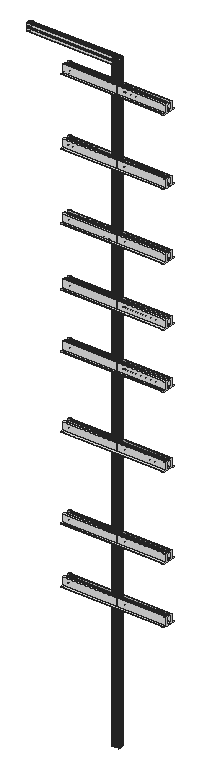
Revit family "Assmbly_PL-Pole_Dual-L-Bkt_Rakks", category Specialty Equipment, Revit 2026
Family settings
  Round Connector Dimension = Use Diameter
  Part Type = Normal
  Classification Number = 23.40.50.31.11.14
  Work Plane-Based = No
  Enable Cutting in Views = No
  Always vertical = Yes
  Cut with Voids When Loaded = No
  Maintain Annotation Orientation = No
  Shared = Yes
  Room Calculation Point = No
Parameters (values of type "Assembly_Rakks_PC2-Pole_1Bkt")
  Warranty Duration (Years) = 0
  Wall Location [instance] = 1' - 5.29432"
  Unit Height [instance] = 10' - 0"
  URL = "http://www.rakks.com/"
  Type Comments = "Universal and Aria Brackets may not be used with SQ Standards"
  Test Data = "http://www.rakks.com/pdfs/Rangine_Corporation_Leed_Statement.pdf"
  Pole Type [instance] = Pole-PL-L-bkt_Rakks : G Mount
  Specification = "http://www.arcat.com/sdspecs/htm/10670rak.htm"
  Shelf Overhang = 0' - 2"
  Shelf Length [instance] = 3' - 0"
  Send Message = "http://www.arcat.com/users.pl?action=UserEmail&company=Rangine%20Corp.%20-%20Rakks&coid=35076&rep=116&fax=781-455-8702&mf="
  Sales Information = "http://store.rakks.com/"
  Revision = "R1_03-2010"
  Product Properties = "http://www.arcat.com/bim/bim_info.pl?fn=Shelving_Rakks"
  Product Data = "http://www.arcat.com/arcatcos/cos35/arc35076.html"
  Model = ""
  Material = Metal - Clear Anodized
  Manufacturer's Notes = "Aluminum Shelves may only be used with rectangular brackets"
  Manufacturer Website = "http://www.rakks.com/"
  Manufacturer Phone - Toll Free = "800-826-6006"
  Manufacturer Phone = "781-455-8700"
  Manufacturer Fax = "781-455-8702"
  Manufacturer Address = "330 Reservoir St., Needham, MA 02494"
  Manufacturer = "Rangine Corp. - Rakks"
  Maintenance Schedule (Months) = 0
  Keynote = "10 56 00"
  Installation-Fabrication = "http://www.rakks.com/literature/install.html"
  Installation Phase = ""
  Ht8 [instance] = 1' - 1"
  Ht7 [instance] = 1' - 1"
  Ht6 [instance] = 0' - 11 15/32"
  Ht5 [instance] = 0' - 10 25/32"
  Ht4 [instance] = 1' - 2"
  Ht3 [instance] = 1' - 4"
  Ht2 [instance] = 0' - 11"
  Ht1 [instance] = 2' - 0 3/4"
  Green Building-LEED = "http://www.arcat.com/green/clients/leed_data_35076.html"
  Expected Lifespan (Years) = 0
  Drawn By = "Robert S. Weygant, CSI, CDT, SCIP"
  Description = ""
  Default Elevation = 0' - 0"
  Copyright = "2010, ARCAT, Inc"
  Construction Details = "http://www.arcat.com/details/rangine/rangine.html?coid=35076"
  Capacity (Weight) = 0.00 lbf
  Building Codes = ""
  Brackets [instance] = 8
  Bracket Type [instance] = Bracket-L_Rakks : 20"
  Bracket Location = 0' - 0 1/8"
  Assembly Code = "E1010500"
  8Bkt [instance] = Brackets > 7  # yes
  7Bkt [instance] = Brackets > 6  # yes
  6Bkt [instance] = Brackets > 5  # yes
  5Bkt [instance] = Brackets > 4  # yes
  4Bkt [instance] = Brackets > 3  # yes
  3Bkt [instance] = Brackets > 2  # yes
  2Bkt [instance] = Brackets > 1  # yes
Reference planes (in)
  plane 1 "Center (Front/Back)": y = 0
  plane 2: z = 0
  plane 3 "Center (Left/Right)": x = 0
  plane 4: z = 120
  plane 5: y = -0.125
  plane 6: z = 24.75
  plane 7: z = 35.75
  plane 8: z = 51.75
  plane 9: z = 65.75
  plane 10: z = 76.53125
  plane 11: z = 88
  plane 12: x = -2
  plane 13: y = -0.75
  plane 14: z = 101
  plane 15: z = 114
  plane 16: y = -34
  plane 17: y = -36
  plane 18: y = 0.125
  plane 19: x = -17.29432
Dimensions and locks (in)
  "Unit Height": plane 4 to plane 2
  "Bracket Location": plane 5 to plane 1 "Center (Front/Back)"
  "Ht1": plane 6 to plane 2
  "Ht2": plane 7 to plane 6
  "Ht3": plane 8 to plane 7
  "Ht4": plane 9 to plane 8
  "Ht5": plane 10 to plane 9
  "Ht6": plane 11 to plane 10
  "Shelf Overhang": plane 12 to plane 3 "Center (Left/Right)"
  locked: plane 13 to plane 1 "Center (Front/Back)" at 0.75
  "Ht7": plane 14 to plane 11
  "Ht8": plane 15 to plane 14
  "Shelf Overhang": plane 16 to plane 17
  "Shelf Length": plane 17 to plane 1 "Center (Front/Back)"
  "Bracket Location": plane 1 "Center (Front/Back)" to plane 18
  "Wall Location": plane 19 to plane 3 "Center (Left/Right)"
  aligned and locked: plane 3 "Center (Left/Right)" to nested 1
  aligned and locked: nested 1 to plane 1 "Center (Front/Back)"
  aligned and locked: nested 2 to plane 3 "Center (Left/Right)"
  aligned and locked: plane 6 to nested 2
  aligned and locked: plane 11 to nested 7
  aligned and locked: plane 10 to nested 6
  aligned and locked: plane 9 to nested 5
  aligned and locked: plane 8 to nested 4
  aligned and locked: plane 7 to nested 3
  aligned and locked: plane 14 to nested 8
  aligned and locked: nested 8 to plane 5
  aligned and locked: plane 15 to nested 9
  aligned and locked: nested 9 to plane 5
  aligned and locked: plane 3 "Center (Left/Right)" to nested 5
  aligned and locked: plane 3 "Center (Left/Right)" to nested 6
  aligned and locked: plane 3 "Center (Left/Right)" to nested 7
  aligned and locked: plane 3 "Center (Left/Right)" to nested 4
  aligned and locked: plane 3 "Center (Left/Right)" to nested 3
  aligned and locked: nested 3 to plane 5
  aligned and locked: nested 4 to plane 5
  aligned and locked: nested 5 to plane 5
  aligned and locked: nested 6 to plane 5
  aligned and locked: nested 7 to plane 5
  aligned and locked: nested 2 to plane 5
  aligned and locked: nested 17 to plane 15
  aligned and locked: nested 16 to plane 14
  aligned and locked: nested 15 to plane 11
  aligned and locked: nested 14 to plane 10
  aligned and locked: nested 13 to plane 9
  aligned and locked: nested 12 to plane 8
  aligned and locked: nested 11 to plane 7
  aligned and locked: nested 10 to plane 6
  aligned and locked: nested 10 to plane 18
  aligned and locked: nested 11 to plane 18
  aligned and locked: nested 12 to plane 18
  aligned and locked: nested 13 to plane 18
  aligned and locked: nested 14 to plane 18
  aligned and locked: nested 15 to plane 18
  aligned and locked: nested 16 to plane 18
  aligned and locked: nested 17 to plane 18
  aligned and locked: nested 10 to plane 3 "Center (Left/Right)"
  aligned and locked: nested 11 to plane 3 "Center (Left/Right)"
  aligned and locked: nested 12 to plane 3 "Center (Left/Right)"
  aligned and locked: nested 13 to plane 3 "Center (Left/Right)"
  aligned and locked: nested 14 to plane 3 "Center (Left/Right)"
  aligned and locked: nested 15 to plane 3 "Center (Left/Right)"
  aligned and locked: nested 16 to plane 3 "Center (Left/Right)"
  aligned and locked: nested 17 to plane 3 "Center (Left/Right)"
  aligned and locked: plane 19 to nested 1
Nested families (in)
  nested 1: "Pole-PL-L-bkt_Rakks" at (0, 0, 0), type <- "Pole Type", Unit Height <- "Unit Height", type "G Mount"
    with Wall Location 1' - 5.29432", Unit Height 10' - 0", Ext on yes
  nested 2: "Bracket-L_Rakks" at (0, -0.125, 24.75), type <- "Bracket Type", type "20""
    with Offset 0' - 10", Unit Length 1' - 8"
  nested 3: "Bracket-L_Rakks" at (0, -0.125, 35.75), visible <- "2Bkt", type <- "Bracket Type", type "20""
    with Offset 0' - 10", Unit Length 1' - 8"
  nested 4: "Bracket-L_Rakks" at (0, -0.125, 51.75), visible <- "3Bkt", type <- "Bracket Type", type "20""
    with Offset 0' - 10", Unit Length 1' - 8"
  nested 5: "Bracket-L_Rakks" at (0, -0.125, 65.75), visible <- "4Bkt", type <- "Bracket Type", type "20""
    with Offset 0' - 10", Unit Length 1' - 8"
  nested 6: "Bracket-L_Rakks" at (0, -0.125, 76.53125), visible <- "5Bkt", type <- "Bracket Type", type "20""
    with Offset 0' - 10", Unit Length 1' - 8"
  nested 7: "Bracket-L_Rakks" at (0, -0.125, 88), visible <- "6Bkt", type <- "Bracket Type", type "20""
    with Offset 0' - 10", Unit Length 1' - 8"
  nested 8: "Bracket-L_Rakks" at (0, -0.125, 101), visible <- "7Bkt", type <- "Bracket Type", type "20""
    with Offset 0' - 10", Unit Length 1' - 8"
  nested 9: "Bracket-L_Rakks" at (0, -0.125, 114), visible <- "8Bkt", type <- "Bracket Type", type "20""
    with Offset 0' - 10", Unit Length 1' - 8"
  nested 10: "Bracket-L_Rakks" at (0, 0.125, 24.75), type <- "Bracket Type", type "20""
    with Offset 0' - 10", Unit Length 1' - 8"
  nested 11: "Bracket-L_Rakks" at (0, 0.125, 35.75), visible <- "2Bkt", type <- "Bracket Type", type "20""
    with Offset 0' - 10", Unit Length 1' - 8"
  nested 12: "Bracket-L_Rakks" at (0, 0.125, 51.75), visible <- "3Bkt", type <- "Bracket Type", type "20""
    with Offset 0' - 10", Unit Length 1' - 8"
  nested 13: "Bracket-L_Rakks" at (0, 0.125, 65.75), visible <- "4Bkt", type <- "Bracket Type", type "20""
    with Offset 0' - 10", Unit Length 1' - 8"
  nested 14: "Bracket-L_Rakks" at (0, 0.125, 76.53125), visible <- "5Bkt", type <- "Bracket Type", type "20""
    with Offset 0' - 10", Unit Length 1' - 8"
  nested 15: "Bracket-L_Rakks" at (0, 0.125, 88), visible <- "6Bkt", type <- "Bracket Type", type "20""
    with Offset 0' - 10", Unit Length 1' - 8"
  nested 16: "Bracket-L_Rakks" at (0, 0.125, 101), visible <- "7Bkt", type <- "Bracket Type", type "20""
    with Offset 0' - 10", Unit Length 1' - 8"
  nested 17: "Bracket-L_Rakks" at (0, 0.125, 114), visible <- "8Bkt", type <- "Bracket Type", type "20""
    with Offset 0' - 10", Unit Length 1' - 8"
Definition of nested family "Pole-PL-L-bkt_Rakks"
  Parameters
    Warranty Duration (Years) = 0
    Wall Location [instance] = 1' - 6"
    Unit Height [instance] = 8' - 0"
    URL = "http://www.rakks.com/"
    Test Data = "http://www.rakks.com/pdfs/Rangine_Corporation_Leed_Statement.pdf"
    Specification = "http://www.arcat.com/sdspecs/htm/10670rak.htm"
    Send Message = "http://www.arcat.com/users.pl?action=UserEmail&company=Rangine%20Corp.%20-%20Rakks&coid=35076&rep=116&fax=781-455-8702&mf="
    Sales Information = "http://store.rakks.com/"
    Revision = "R1_03-2010"
    Product Properties = "http://www.arcat.com/bim/bim_info.pl?fn=Shelving_Rakks"
    Product Data = "http://www.arcat.com/arcatcos/cos35/arc35076.html"
    Model = ""
    Material = none
    Manufacturer Website = "http://www.rakks.com/"
    Manufacturer Phone - Toll Free = "800-826-6006"
    Manufacturer Phone = "781-455-8700"
    Manufacturer Fax = "781-455-8702"
    Manufacturer Address = "330 Reservoir St., Needham, MA 02494"
    Manufacturer = "Rangine Corp. - Rakks"
    Maintenance Schedule (Months) = 0
    Keynote = "10 56 00"
    Installation-Fabrication = "http://www.rakks.com/literature/install.html"
    Installation Phase = ""
    Green Building-LEED = "http://www.arcat.com/green/clients/leed_data_35076.html"
    Ext on = no
    Expected Lifespan (Years) = 0
    Drawn By = "Robert S. Weygant, CSI, CDT, SCIP"
    Description = ""
    Default Elevation = 0' - 0"
    Copyright = "2010, ARCAT, Inc"
    Construction Details = "http://www.arcat.com/details/rangine/rangine.html?coid=35076"
    Capacity (Weight) = 0.00 lbf
    Building Codes = ""
    Assembly Code = "E1010500"
  Reference planes (in)
    plane 1 "Center (Front/Back)": y = 0
    plane 2: z = 0
    plane 3 "Center (Left/Right)": x = 0
    plane 4: z = 96
    plane 5 "Left": x = -0.75
    plane 6 "Back": y = 0.5
    plane 7 "Front": y = -0.5
    plane 8 "Right": x = 0.75
    plane 9: x = -18
  Forms (in)
    Extrusion 1, solid, material <- "Material"
      sketch origin (0, 0, 0) x (1, 0, 0) y (0, 1, 0)
        loop
          line (-0.65065, 0.18722) -> (-0.65, 0.383)
          arc (-0.65, 0.383) -> (-0.63184, 0.42684) -> (-0.588, 0.445) r 0.062
          line (-0.588, 0.445) -> (-0.242, 0.445)
          arc (-0.242, 0.445) -> (-0.19816, 0.42684) -> (-0.18, 0.383) r 0.062
          line (-0.18, 0.383) -> (-0.18, 0.1625) -> (-0.31, 0.1625) -> (-0.31, -0.1625) -> (-0.18, -0.1625) -> (-0.18, -0.383)
          arc (-0.18, -0.383) -> (-0.19816, -0.42684) -> (-0.242, -0.445) r 0.062
          line (-0.242, -0.445) -> (-0.588, -0.445)
          arc (-0.588, -0.445) -> (-0.63184, -0.42684) -> (-0.65, -0.383) r 0.062
          line (-0.65, -0.383) -> (-0.65065, -0.18722)
          arc (-0.65065, -0.18722) -> (-0.70032, -0.13754) -> (-0.75, -0.18722) r 0.04968
          line (-0.75, -0.18722) -> (-0.75, -0.438)
          arc (-0.75, -0.438) -> (-0.73184, -0.48184) -> (-0.688, -0.5) r 0.062
          line (-0.688, -0.5) -> (-0.17911, -0.5) -> (-0.095, -0.42072) -> (-0.095, -0.04) -> (0.095, -0.04) -> (0.095, -0.42072) -> (0.17911, -0.5) -> (0.688, -0.5)
          arc (0.688, -0.5) -> (0.73184, -0.48184) -> (0.75, -0.438) r 0.062
          line (0.75, -0.438) -> (0.75, -0.18722)
          arc (0.75, -0.18722) -> (0.70032, -0.13754) -> (0.65, -0.18722) r 0.04968
          line (0.65, -0.18722) -> (0.65, -0.383)
          arc (0.65, -0.383) -> (0.63184, -0.42684) -> (0.588, -0.445) r 0.062
          line (0.588, -0.445) -> (0.242, -0.445)
          arc (0.242, -0.445) -> (0.19816, -0.42684) -> (0.18, -0.383) r 0.062
          line (0.18, -0.383) -> (0.18, -0.1625) -> (0.31, -0.1625) -> (0.31, 0.1625) -> (0.18, 0.1625) -> (0.18, 0.383)
          arc (0.18, 0.383) -> (0.19816, 0.42684) -> (0.242, 0.445) r 0.062
          line (0.242, 0.445) -> (0.588, 0.445)
          arc (0.588, 0.445) -> (0.63184, 0.42684) -> (0.65, 0.383) r 0.062
          line (0.65, 0.383) -> (0.65065, 0.18722)
          arc (0.65065, 0.18722) -> (0.70032, 0.13754) -> (0.75, 0.18722) r 0.04968
          line (0.75, 0.18722) -> (0.75, 0.438)
          arc (0.75, 0.438) -> (0.73184, 0.48184) -> (0.688, 0.5) r 0.062
          line (0.688, 0.5) -> (0.17911, 0.5) -> (0.095, 0.42072) -> (0.095, 0.04) -> (-0.095, 0.04) -> (-0.095, 0.42072) -> (-0.17911, 0.5) -> (-0.688, 0.5)
          arc (-0.688, 0.5) -> (-0.73184, 0.48184) -> (-0.75, 0.438) r 0.062
          line (-0.75, 0.438) -> (-0.75, 0.18722)
          arc (-0.75, 0.18722) -> (-0.70032, 0.13754) -> (-0.65065, 0.18722) r 0.04968
      from 0 to 96
    Extrusion 2, solid, material <- "Material", visible <- "Ext on"
      sketch origin (0, 0, 0) x (0, 1, 0) y (0, 0, 1)
        loop
          arc (-0.18722, 95.90065) -> (-0.13754, 95.95032) -> (-0.18722, 96) r 0.04968
          line (-0.18722, 96) -> (-0.438, 96)
          arc (-0.438, 96) -> (-0.48184, 95.98184) -> (-0.5, 95.938) r 0.062
          line (-0.5, 95.938) -> (-0.5, 95.42911) -> (-0.42072, 95.345) -> (-0.04, 95.345) -> (-0.04, 95.155) -> (-0.42072, 95.155) -> (-0.5, 95.07089) -> (-0.5, 94.562)
          arc (-0.5, 94.562) -> (-0.48184, 94.51816) -> (-0.438, 94.5) r 0.062
          line (-0.438, 94.5) -> (-0.18722, 94.5)
          arc (-0.18722, 94.5) -> (-0.13754, 94.54968) -> (-0.18722, 94.59935) r 0.04968
          line (-0.18722, 94.59935) -> (-0.383, 94.6)
          arc (-0.383, 94.6) -> (-0.42684, 94.61816) -> (-0.445, 94.662) r 0.062
          line (-0.445, 94.662) -> (-0.445, 95.008)
          arc (-0.445, 95.008) -> (-0.42684, 95.05184) -> (-0.383, 95.07) r 0.062
          line (-0.383, 95.07) -> (-0.1625, 95.07) -> (-0.1625, 94.94) -> (0.1625, 94.94) -> (0.1625, 95.07) -> (0.383, 95.07)
          arc (0.383, 95.07) -> (0.42684, 95.05184) -> (0.445, 95.008) r 0.062
          line (0.445, 95.008) -> (0.445, 94.662)
          arc (0.445, 94.662) -> (0.42684, 94.61816) -> (0.383, 94.6) r 0.062
          line (0.383, 94.6) -> (0.18722, 94.6)
          arc (0.18722, 94.6) -> (0.13754, 94.54968) -> (0.18722, 94.5) r 0.04968
          line (0.18722, 94.5) -> (0.438, 94.5)
          arc (0.438, 94.5) -> (0.48184, 94.51816) -> (0.5, 94.562) r 0.062
          line (0.5, 94.562) -> (0.5, 95.07089) -> (0.42072, 95.155) -> (0.04, 95.155) -> (0.04, 95.345) -> (0.42072, 95.345) -> (0.5, 95.42911) -> (0.5, 95.938)
          arc (0.5, 95.938) -> (0.48184, 95.98184) -> (0.438, 96) r 0.062
          line (0.438, 96) -> (0.18722, 96)
          arc (0.18722, 96) -> (0.13754, 95.95032) -> (0.18722, 95.90065) r 0.04968
          line (0.18722, 95.90065) -> (0.383, 95.9)
          arc (0.383, 95.9) -> (0.42684, 95.88184) -> (0.445, 95.838) r 0.062
          line (0.445, 95.838) -> (0.445, 95.492)
          arc (0.445, 95.492) -> (0.42684, 95.44816) -> (0.383, 95.43) r 0.062
          line (0.383, 95.43) -> (0.1625, 95.43) -> (0.1625, 95.56) -> (-0.1625, 95.56) -> (-0.1625, 95.43) -> (-0.383, 95.43)
          arc (-0.383, 95.43) -> (-0.42684, 95.44816) -> (-0.445, 95.492) r 0.062
          line (-0.445, 95.492) -> (-0.445, 95.838)
          arc (-0.445, 95.838) -> (-0.42684, 95.88184) -> (-0.383, 95.9) r 0.062
          line (-0.383, 95.9) -> (-0.18722, 95.90065)
      from -18 to 0
  Dimensions and locks (in)
    "Unit Height": plane 4 to plane 2
    "Wall Location": plane 3 "Center (Left/Right)" to plane 9
    aligned and locked: plane 4 to Extrusion 1
    aligned and locked: plane 3 "Center (Left/Right)" to Extrusion 2
    aligned and locked: Extrusion 2 to plane 9
  Automatic sketch dimensions
    Extrusion 1 sketch curve to plane 1 "Center (Front/Back)" = 0' - 0.438"
    Extrusion 1 sketch curve to plane 3 "Center (Left/Right)" = 0' - 0 3/4"
    Extrusion 1 sketch curve to Extrusion 1 sketch curve = 0' - 0"  (x6)
    Extrusion 1 sketch curve to Extrusion 1 sketch curve = 0' - 0.04968"  (x4)
    Extrusion 1 sketch curve to Extrusion 1 sketch curve = 0' - 0.062"  (x6)
    Extrusion 1 sketch curve to Extrusion 1 sketch curve = 0' - 0.038"  (x3)
    Extrusion 1 sketch curve to plane 3 "Center (Left/Right)" = 0' - 0.31"
    Extrusion 1 sketch curve to plane 3 "Center (Left/Right)" = 0' - 0.242"  (x2)
    Extrusion 1 sketch curve to Extrusion 1 sketch curve = 0' - 0.13"  (x3)
    Extrusion 1 sketch curve to Extrusion 1 sketch curve = 0' - 0.06289"  (x4)
    Extrusion 1 sketch curve to Extrusion 1 sketch curve = 0' - 0.085"  (x4)
    Extrusion 1 sketch curve to plane 1 "Center (Front/Back)" = 0' - 0.04"
    plane 3 "Center (Left/Right)" to Extrusion 1 sketch curve = 0' - 0.095"
    Extrusion 1 sketch curve to Extrusion 1 sketch curve = 0' - 0.08411"  (x2)
    Extrusion 1 sketch curve to Extrusion 1 sketch curve = 0' - 0.346"  (x2)
    Extrusion 1 sketch curve to Extrusion 1 sketch curve = 0' - 0.00065"  (x2)
    Extrusion 1 sketch curve to Extrusion 1 sketch curve = 0' - 0.1"
    plane 1 "Center (Front/Back)" to Extrusion 1 sketch curve = 0' - 0.04"
    Extrusion 1 sketch curve to Extrusion 1 sketch curve = 0' - 0.1225"  (x3)
    plane 1 "Center (Front/Back)" to Extrusion 1 sketch curve = 0' - 0.1625"
    plane 1 "Center (Front/Back)" to Extrusion 1 sketch curve = 0' - 0.18722"  (x2)
    Extrusion 1 sketch curve to Extrusion 1 sketch curve = 0' - 0.19578"  (x2)
    Extrusion 1 sketch curve to Extrusion 1 sketch curve = 0' - 0.2205"
    Extrusion 1 sketch curve to Extrusion 1 sketch curve = 0' - 0.03772"  (x4)
    Extrusion 1 sketch curve to Extrusion 1 sketch curve = 0' - 0.055"  (x4)
    Extrusion 1 sketch curve to plane 1 "Center (Front/Back)" = 0' - 0.18722"  (x2)
    plane 1 "Center (Front/Back)" to Extrusion 2 sketch curve = 0' - 0 1/2"  (x2)
    Extrusion 2 sketch curve to Extrusion 2 sketch curve = 0' - 0.055"  (x5)
    Extrusion 2 sketch curve to Extrusion 2 sketch curve = 0' - 0.062"  (x9)
    Extrusion 2 sketch curve to Extrusion 2 sketch curve = 0' - 0.07928"  (x2)
    Extrusion 2 sketch curve to plane 6 "Back" = 0' - 0.68722"  (x2)
    Extrusion 2 sketch curve to Extrusion 2 sketch curve = 0' - 0"  (x6)
    Extrusion 2 sketch curve to plane 6 "Back" = 0' - 0.6625"  (x2)
    Extrusion 2 sketch curve to Extrusion 2 sketch curve = 0' - 0.1225"  (x3)
    Extrusion 2 sketch curve to Extrusion 2 sketch curve = 0' - 0.08"
    Extrusion 2 sketch curve to Extrusion 2 sketch curve = 0' - 0.37444"
    Extrusion 2 sketch curve to Extrusion 2 sketch curve = 0' - 0.02472"
    Extrusion 2 sketch curve to Extrusion 2 sketch curve = 0' - 0.2205"  (x2)
    Extrusion 2 sketch curve to Extrusion 2 sketch curve = 0' - 0.19578"  (x2)
    Extrusion 2 sketch curve to Extrusion 2 sketch curve = 0' - 0.03772"  (x2)
    Extrusion 2 sketch curve to plane 4 = 0' - 1 1/2"
    Extrusion 2 sketch curve to Extrusion 2 sketch curve = 0' - 0.04968"  (x2)
    Extrusion 2 sketch curve to Extrusion 2 sketch curve = 0' - 0.038"  (x3)
    Extrusion 2 sketch curve to Extrusion 2 sketch curve = 0' - 0.00065"  (x3)
    Extrusion 2 sketch curve to Extrusion 2 sketch curve = 0' - 0.34"
    Extrusion 2 sketch curve to Extrusion 2 sketch curve = 0' - 0.068"  (x2)
    Extrusion 2 sketch curve to Extrusion 2 sketch curve = 0' - 0.06289"  (x2)
    Extrusion 2 sketch curve to Extrusion 2 sketch curve = 0' - 0.085"  (x4)
    Extrusion 2 sketch curve to Extrusion 2 sketch curve = 0' - 0.19"
    Extrusion 2 sketch curve to Extrusion 2 sketch curve = 0' - 0.08411"  (x2)
    Extrusion 2 sketch curve to Extrusion 2 sketch curve = 0' - 0.13"
    Extrusion 2 sketch curve to Extrusion 2 sketch curve = 0' - 0.346"  (x2)
Definition of nested family "Bracket-L_Rakks"
  Parameters
    Warranty Duration (Years) = 0
    Unit Length = 1' - 2"
    URL = "http://www.rakks.com/"
    Type Comments = "Only for use with PC2 and PL Poles"
    Test Data = "http://www.rakks.com/pdfs/Rangine_Corporation_Leed_Statement.pdf"
    Specification = "http://www.arcat.com/sdspecs/htm/10670rak.htm"
    Send Message = "http://www.arcat.com/users.pl?action=UserEmail&company=Rangine%20Corp.%20-%20Rakks&coid=35076&rep=116&fax=781-455-8702&mf="
    Sales Information = "http://store.rakks.com/"
    Revision = "R1_03-2010"
    Product Properties = "http://www.arcat.com/bim/bim_info.pl?fn=Shelving_Rakks"
    Product Data = "http://www.arcat.com/arcatcos/cos35/arc35076.html"
    Offset [instance] = 0' - 7"
    Model = ""
    Material = none
    Manufacturer Website = "http://www.rakks.com/"
    Manufacturer Phone - Toll Free = "800-826-6006"
    Manufacturer Phone = "781-455-8700"
    Manufacturer Fax = "781-455-8702"
    Manufacturer Address = "330 Reservoir St., Needham, MA 02494"
    Manufacturer = "Rangine Corp. - Rakks"
    Maintenance Schedule (Months) = 0
    Keynote = "10 56 00"
    Installation-Fabrication = "http://www.rakks.com/literature/install.html"
    Installation Phase = ""
    Green Building-LEED = "http://www.arcat.com/green/clients/leed_data_35076.html"
    Expected Lifespan (Years) = 0
    Drawn By = "Robert S. Weygant, CSI, CDT, SCIP"
    Description = ""
    Default Elevation = 0' - 0"
    Copyright = "2010, ARCAT, Inc"
    Construction Details = "http://www.arcat.com/details/rangine/rangine.html?coid=35076"
    Capacity (Weight) = 0.00 lbf
    Building Codes = ""
    Assembly Code = "E1010500"
  Reference planes (in)
    plane 1 "Center (Left/Right)": y = 0
    plane 2: z = 0
    plane 3 "Back": x = 0
    plane 4: x = -0.125
    plane 5: x = 0.125
    plane 6: x = 7
  Forms (in)
    Extrusion 1, solid, material <- "Material"
      sketch origin (0, -0.375, 0) x (0, 1, 0) y (0, 0, 1)
        loop
          arc (-0.75103, 0) -> (-0.71717, -0.08556) -> (-0.63393, -0.12479) r 0.12504
          line (-0.63393, -0.12479) -> (0.09354, -0.12561)
          arc (0.09354, -0.12561) -> (0.187, -0.03232) -> (0.09347, 0.06089) r 0.09325
          arc (0.09347, 0.06089) -> (0.02739, 0.08809) -> (0, 0.15409) r 0.0932
          line (0, 0.15409) -> (0, 1.1603)
          arc (0, 1.1603) -> (0.02315, 1.25334) -> (0.09347, 1.3185) r 0.16776
          arc (0.09347, 1.3185) -> (0.187, 1.41161) -> (0.09375, 1.505) r 0.09325
          line (0.09375, 1.505) -> (-0.125, 1.505)
          arc (-0.125, 1.505) -> (-0.16919, 1.48669) -> (-0.1875, 1.4425) r 0.0625
          line (-0.1875, 1.4425) -> (-0.1875, 0) -> (-0.75103, 0)
      from -7 to 7
    Extrusion 2, void
      sketch origin (0, -0.375, 0) x (1, 0, 0) y (0, 1, 0)
        loop
          line (-0.75, 0) -> (0.75, 0) -> (0.75, 1.5) -> (-0.75, 1.5) -> (-0.75, 0)
      from -1.01579 to 2.5008
    Extrusion 3, solid, material <- "Material", not visible
      sketch origin (0, 0, 0) x (0, 1, 0) y (0, 0, 1)
        loop
          arc (-0.75103, 0) -> (-0.71717, -0.08556) -> (-0.63393, -0.12479) r 0.12504
          line (-0.63393, -0.12479) -> (0.09354, -0.12561)
          arc (0.09354, -0.12561) -> (0.187, -0.03232) -> (0.09347, 0.06089) r 0.09325
          arc (0.09347, 0.06089) -> (0.02739, 0.08809) -> (0, 0.15409) r 0.0932
          line (0, 0.15409) -> (0, 1.1603)
          arc (0, 1.1603) -> (0.02315, 1.25334) -> (0.09347, 1.3185) r 0.16776
          arc (0.09347, 1.3185) -> (0.187, 1.41161) -> (0.09375, 1.505) r 0.09325
          line (0.09375, 1.505) -> (-0.125, 1.505)
          arc (-0.125, 1.505) -> (-0.16919, 1.48669) -> (-0.1875, 1.4425) r 0.0625
          line (-0.1875, 1.4425) -> (-0.1875, 0) -> (-0.75103, 0)
      from -7 to 3
    Extrusion 4, void, not visible
      sketch origin (0, 0, 0) x (1, 0, 0) y (0, 1, 0)
        loop
          line (-0.75, 0) -> (0.75, 0) -> (0.75, 1.5) -> (-0.75, 1.5) -> (-0.75, 0)
      from -1.01579 to 2.5008
  Cuts and joins
    Extrusion 2 cuts Extrusion 1
  Dimensions and locks (in)
    equal spacing: plane 5, plane 3 "Back", plane 4
    locked: plane 5 to plane 4 at 0.25
    "Unit Length": cut or joined group of Extrusion 1, Extrusion 2 to cut or joined group of Extrusion 1, Extrusion 2
    "Offset": plane 3 "Back" to plane 6
    aligned and locked: plane 6 to cut or joined group of Extrusion 1, Extrusion 2
  Automatic sketch dimensions
    Extrusion 1 sketch curve to Extrusion 1 sketch curve = 0' - 0.00794"
    Extrusion 1 sketch curve to Extrusion 1 sketch curve = 0' - 0.00027"
    Extrusion 1 sketch curve to Extrusion 1 sketch curve = 0' - 0"  (x2)
    Extrusion 1 sketch curve to Extrusion 1 sketch curve = 0' - 0.00021"
    Extrusion 1 sketch curve to Extrusion 1 sketch curve = 0' - 0.00028"
    Extrusion 1 sketch curve to Extrusion 1 sketch curve = 0' - 0.09325"  (x2)
    Extrusion 1 sketch curve to Extrusion 1 sketch curve = 0' - 1.1603"
    Extrusion 1 sketch curve to Extrusion 1 sketch curve = 0' - 0.00769"
    Extrusion 1 sketch curve to Extrusion 1 sketch curve = 0' - 0.03075"
    Extrusion 1 sketch curve to Extrusion 1 sketch curve = 0' - 0.44643"
    Extrusion 2 sketch curve to Extrusion 2 sketch curve = 0' - 1 1/2"  (x2)
    Extrusion 1 sketch curve to Extrusion 1 sketch curve = 0' - 0.1171"
    Extrusion 1 sketch curve to Extrusion 1 sketch curve = 0' - 0 3/16"
    Extrusion 1 sketch curve to Extrusion 1 sketch curve = 0' - 0 1/8"
    Extrusion 1 sketch curve to Extrusion 1 sketch curve = 0' - 0.0932"
    Extrusion 1 sketch curve to Extrusion 1 sketch curve = 0' - 0.09347"
    Extrusion 1 sketch curve to Extrusion 1 sketch curve = 0' - 0.16759"
    Extrusion 1 sketch curve to Extrusion 1 sketch curve = 0' - 0.00082"
    Extrusion 3 sketch curve to Extrusion 3 sketch curve = 0' - 0.00794"
    Extrusion 3 sketch curve to Extrusion 3 sketch curve = 0' - 0.00027"
    Extrusion 3 sketch curve to Extrusion 3 sketch curve = 0' - 0"  (x2)
    Extrusion 3 sketch curve to Extrusion 3 sketch curve = 0' - 0.00021"
    Extrusion 3 sketch curve to Extrusion 3 sketch curve = 0' - 0.00028"
    Extrusion 3 sketch curve to Extrusion 3 sketch curve = 0' - 0.09325"  (x2)
    Extrusion 3 sketch curve to Extrusion 3 sketch curve = 0' - 1.1603"
    Extrusion 3 sketch curve to Extrusion 3 sketch curve = 0' - 0.00769"
    Extrusion 3 sketch curve to Extrusion 3 sketch curve = 0' - 0.03075"
    Extrusion 3 sketch curve to Extrusion 3 sketch curve = 0' - 0.44643"
    Extrusion 4 sketch curve to Extrusion 4 sketch curve = 0' - 1 1/2"  (x2)
    Extrusion 3 sketch curve to Extrusion 3 sketch curve = 0' - 0.1171"
    Extrusion 3 sketch curve to Extrusion 3 sketch curve = 0' - 0 3/16"
    Extrusion 3 sketch curve to Extrusion 3 sketch curve = 0' - 0 1/8"
    Extrusion 3 sketch curve to Extrusion 3 sketch curve = 0' - 0.0932"
    Extrusion 3 sketch curve to Extrusion 3 sketch curve = 0' - 0.09347"
    Extrusion 3 sketch curve to Extrusion 3 sketch curve = 0' - 0.16759"
    Extrusion 3 sketch curve to Extrusion 3 sketch curve = 0' - 0.00082"
    Extrusion 1 sketch curve to level = 0' - 0"
    plane 1 "Center (Left/Right)" to Extrusion 1 sketch curve = 0' - 0 3/8"
    plane 1 "Center (Left/Right)" to Extrusion 2 sketch curve = 0' - 0 3/8"
    Extrusion 2 sketch curve to plane 4 = 0' - 0 5/8"
